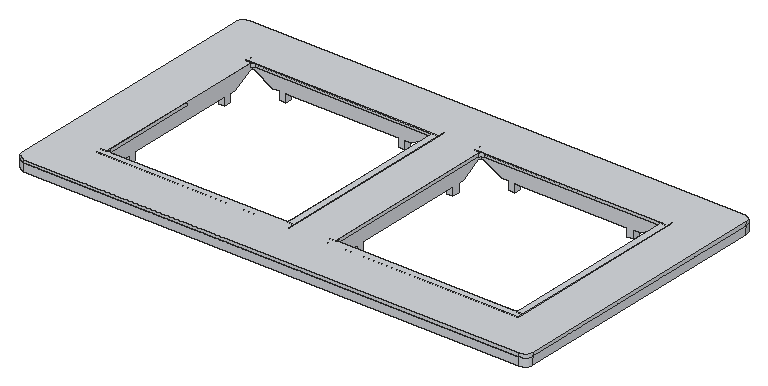
Revit family "Gira_0212235", category Electrical Fixtures, host Face, Revit 2017
Family settings
  Host = Face
  Maintain Annotation Orientation = No
  Round Connector Dimension = Use Diameter
  Part Type = Normal
  Cut with Voids When Loaded = No
  Shared = No
  Room Calculation Point = No
Parameters (values of type "Cov.fr. 2-g flat Gira E2 anthra.")
  With mounting grid = "No"
  With hinged lid = "No"
  URL = "http://katalog.gira.de/en/datenblatt.html?artikelnr=0212235"
  Type of fastening = "Clamp mounting"
  Transparent = "No"
  Surface protection = "Other"
  Suitable for wall duct = "No"
  Suitable for flush-mounted installation = "Yes"
  Suitable for floor box = "No"
  Suitable for built-in installation = "No"
  Number of units vertical = "2"
  Number of units horizontal = "2"
  Number of units = "2"
  Name = "Cov.fr. 2-g flat Gira E2 anthra."
  Mounting direction = "Horizontal and vertical"
  Material quality = "Thermoplastic"
  Material = "Plastic"
  Manufacturer URL = "https://www.gira.de/"
  Manufacturer = "Gira"
  Label space/information surface = "No"
  Keynote = ""
  HeinzeBIM = "https://bimportal.heinze.de/bim/cov-fr-2-g-flat-gira-e2-anthra-/7a33977f83d0776ba353db31f1bb11449a747fb8"
  Halogen free = "Yes"
  HAN = "0212235"
  GTIN = "4010337021285"
  Description = "Cov.fr.2g flat E2 AN,Gira E2 cover frame for flat installation,anthracite,2-gang,"
  Degree of protection (IP) = "IP20"
  Default Elevation = 1219.2 mm
  Data sheet (1) = "https://katalog.gira.de/en/download.html?artikelnr=0212235"
  Colour = "Anthracite"
  Category = "Cover frame for domestic switching devices"
  BIM (1) = "https://media.stage.bim.site/public/gira/36a6b08/E2flach_Rahmen_2fach.rfa"
  Available = "No"
Reference planes
  plane 1 "Center (Front/Back)": y = 0
  plane 2: z = 0
  plane 3 "Center (Left/Right)": x = 0
Forms (mm)
  Extrusion 1, solid, detail levels fine
    sketch origin (0, 0, 0) x (1, 0, 0) y (0, 1, 0)
      loop
        arc (-77, 43.9) -> (-78.768, 43.168) -> (-79.5, 41.4) r 2.5
        line (-79.5, 41.4) -> (-79.5, -41.4)
        arc (-79.5, -41.4) -> (-78.768, -43.168) -> (-77, -43.9) r 2.5
        line (-77, -43.9) -> (77, -43.9)
        arc (77, -43.9) -> (78.768, -43.168) -> (79.5, -41.4) r 2.5
        line (79.5, -41.4) -> (79.5, 41.4)
        arc (79.5, 41.4) -> (78.768, 43.168) -> (77, 43.9) r 2.5
        line (77, 43.9) -> (-77, 43.9)
      loop
        spline (-63.744, -27.245) -> (-63.736, -27.363) -> (-63.713, -27.478) -> (-63.675, -27.589) -> (-63.623, -27.695) -> (-63.558, -27.792) -> (-63.481, -27.881) -> (-63.392, -27.958) -> (-63.295, -28.023) -> (-63.189, -28.075) -> (-63.078, -28.113) -> (-62.963, -28.136) -> (-62.845, -28.144)
        line (-62.845, -28.144) -> (-8.355, -28.144)
        spline (-8.355, -28.144) -> (-8.237, -28.136) -> (-8.122, -28.113) -> (-8.011, -28.075) -> (-7.905, -28.023) -> (-7.808, -27.958) -> (-7.719, -27.881) -> (-7.642, -27.792) -> (-7.577, -27.695) -> (-7.525, -27.589) -> (-7.487, -27.478) -> (-7.464, -27.363) -> (-7.456, -27.245)
        line (-7.456, -27.245) -> (-7.456, 27.245)
        spline (-7.456, 27.245) -> (-7.464, 27.363) -> (-7.487, 27.478) -> (-7.525, 27.589) -> (-7.577, 27.695) -> (-7.642, 27.792) -> (-7.719, 27.881) -> (-7.808, 27.958) -> (-7.905, 28.023) -> (-8.011, 28.075) -> (-8.122, 28.113) -> (-8.237, 28.136) -> (-8.355, 28.144)
        line (-8.355, 28.144) -> (-62.845, 28.144)
        spline (-62.845, 28.144) -> (-62.963, 28.136) -> (-63.078, 28.113) -> (-63.189, 28.075) -> (-63.295, 28.023) -> (-63.392, 27.958) -> (-63.481, 27.881) -> (-63.558, 27.792) -> (-63.623, 27.695) -> (-63.675, 27.589) -> (-63.713, 27.478) -> (-63.736, 27.363) -> (-63.744, 27.245)
        line (-63.744, 27.245) -> (-63.744, -27.245)
      loop
        spline (62.845, -28.144) -> (62.963, -28.136) -> (63.078, -28.113) -> (63.189, -28.075) -> (63.295, -28.023) -> (63.392, -27.958) -> (63.481, -27.881) -> (63.558, -27.792) -> (63.623, -27.695) -> (63.675, -27.589) -> (63.713, -27.478) -> (63.736, -27.363) -> (63.744, -27.245)
        line (63.744, -27.245) -> (63.744, 27.245)
        spline (63.744, 27.245) -> (63.736, 27.363) -> (63.713, 27.478) -> (63.675, 27.589) -> (63.623, 27.695) -> (63.558, 27.792) -> (63.481, 27.881) -> (63.392, 27.958) -> (63.295, 28.023) -> (63.189, 28.075) -> (63.078, 28.113) -> (62.963, 28.136) -> (62.845, 28.144)
        line (62.845, 28.144) -> (8.355, 28.144)
        spline (8.355, 28.144) -> (8.237, 28.136) -> (8.122, 28.113) -> (8.011, 28.075) -> (7.905, 28.023) -> (7.808, 27.958) -> (7.719, 27.881) -> (7.642, 27.792) -> (7.577, 27.695) -> (7.525, 27.589) -> (7.487, 27.478) -> (7.464, 27.363) -> (7.456, 27.245)
        line (7.456, 27.245) -> (7.456, -27.245)
        spline (7.456, -27.245) -> (7.464, -27.363) -> (7.487, -27.478) -> (7.525, -27.589) -> (7.577, -27.695) -> (7.642, -27.792) -> (7.719, -27.881) -> (7.808, -27.958) -> (7.905, -28.023) -> (8.011, -28.075) -> (8.122, -28.113) -> (8.237, -28.136) -> (8.355, -28.144)
        line (8.355, -28.144) -> (62.845, -28.144)
    from 2.5 to 3.4
  Extrusion 2, solid, detail levels fine
    sketch origin (0, 0, 0) x (1, 0, 0) y (0, 1, 0)
      loop
        arc (-77, 43.9) -> (-78.768, 43.168) -> (-79.5, 41.4) r 2.5
        line (-79.5, 41.4) -> (-79.5, -41.4)
        arc (-79.5, -41.4) -> (-78.768, -43.168) -> (-77, -43.9) r 2.5
        line (-77, -43.9) -> (77, -43.9)
        arc (77, -43.9) -> (78.768, -43.168) -> (79.5, -41.4) r 2.5
        line (79.5, -41.4) -> (79.5, 41.4)
        arc (79.5, 41.4) -> (78.768, 43.168) -> (77, 43.9) r 2.5
        line (77, 43.9) -> (-77, 43.9)
      loop
        arc (-77, 43.4) -> (-78.414, 42.814) -> (-79, 41.4) r 2
        line (-79, 41.4) -> (-79, -41.4)
        arc (-79, -41.4) -> (-78.414, -42.814) -> (-77, -43.4) r 2
        line (-77, -43.4) -> (77, -43.4)
        arc (77, -43.4) -> (78.414, -42.814) -> (79, -41.4) r 2
        line (79, -41.4) -> (79, 41.4)
        arc (79, 41.4) -> (78.414, 42.814) -> (77, 43.4) r 2
        line (77, 43.4) -> (-77, 43.4)
    from 0 to 2.5
  Extrusion 3, solid, detail levels fine
    sketch origin (-35.6, 0, 0) x (1, 0, 0) y (0, 0, 1)
      loop
        line (-17.5, -4.06) -> (-17.5, -1.56) -> (17.5, -1.56) -> (17.5, -4.06) -> (19.5, -4.06) -> (19.5, -1.56) -> (21.654, -1.56) -> (27.214, 1.65) -> (30, 1.65) -> (30, 3.4) -> (-30, 3.4) -> (-30, 1.65) -> (-27.214, 1.65) -> (-21.654, -1.56) -> (-19.5, -1.56) -> (-19.5, -4.06) -> (-17.5, -4.06)
    from 28.144 to 30
  Extrusion 4, solid, detail levels fine
    sketch origin (-35.6, 0, 0) x (0, -1, 0) y (0, 0, -1)
      loop
        line (-17.5, 4.06) -> (-19.5, 4.06) -> (-19.5, 1.56) -> (-21.654, 1.56) -> (-27.214, -1.65) -> (-28.144, -1.65) -> (-28.144, -3.4) -> (28.144, -3.4) -> (28.144, -1.65) -> (27.214, -1.65) -> (21.654, 1.56) -> (19.5, 1.56) -> (19.5, 4.06) -> (17.5, 4.06) -> (17.5, 1.56) -> (-17.5, 1.56) -> (-17.5, 4.06)
    from 28.144 to 30
  Extrusion 5, solid, detail levels medium
    sketch origin (-35.6, 0, 0) x (0, -1, 0) y (0, 0, 1)
      loop
        line (-17.5, -4.06) -> (-17.5, -1.56) -> (17.5, -1.56) -> (17.5, -4.06) -> (19.5, -4.06) -> (19.5, -1.56) -> (28.144, -1.56) -> (28.144, 3.4) -> (-28.144, 3.4) -> (-28.144, -1.56) -> (-19.5, -1.56) -> (-19.5, -4.06) -> (-17.5, -4.06)
    from 28.144 to 30
  Extrusion 6, solid, detail levels fine
    sketch origin (-35.6, 0, 0) x (1, 0, 0) y (0, 0, -1)
      loop
        line (-17.5, 4.06) -> (-19.5, 4.06) -> (-19.5, 1.56) -> (-21.654, 1.56) -> (-27.214, -1.65) -> (-30, -1.65) -> (-30, -3.4) -> (30, -3.4) -> (30, -1.65) -> (27.214, -1.65) -> (21.654, 1.56) -> (19.5, 1.56) -> (19.5, 4.06) -> (17.5, 4.06) -> (17.5, 1.56) -> (-17.5, 1.56) -> (-17.5, 4.06)
    from 28.144 to 30
  Extrusion 7, solid, detail levels coarse
    sketch origin (0, 0, 0) x (1, 0, 0) y (0, 1, 0)
      loop
        line (-79.5, 43.9) -> (-79.5, -43.9) -> (79.5, -43.9) -> (79.5, 43.9) -> (-79.5, 43.9)
    from -4.06 to 3.4
  Extrusion 8, solid, detail levels medium
    sketch origin (0, 0, 0) x (1, 0, 0) y (0, 1, 0)
      loop
        line (-79.5, 43.9) -> (-79.5, -43.9) -> (79.5, -43.9) -> (79.5, 43.9) -> (-79.5, 43.9)
    from 0 to 3.4
  Extrusion 9, solid, detail levels medium
    sketch origin (-35.6, 0, 0) x (1, 0, 0) y (0, 0, 1)
      loop
        line (-17.5, -4.06) -> (-17.5, -1.56) -> (17.5, -1.56) -> (17.5, -4.06) -> (19.5, -4.06) -> (19.5, -1.56) -> (30, -1.56) -> (30, 3.4) -> (-30, 3.4) -> (-30, -1.56) -> (-19.5, -1.56) -> (-19.5, -4.06) -> (-17.5, -4.06)
    from 28.144 to 30
  Extrusion 10, solid, detail levels medium
    sketch origin (-35.6, 0, 0) x (1, 0, 0) y (0, 0, -1)
      loop
        line (-17.5, 4.06) -> (-19.5, 4.06) -> (-19.5, 1.56) -> (-30, 1.56) -> (-30, -3.4) -> (30, -3.4) -> (30, 1.56) -> (19.5, 1.56) -> (19.5, 4.06) -> (17.5, 4.06) -> (17.5, 1.56) -> (-17.5, 1.56) -> (-17.5, 4.06)
    from 28.144 to 30
  Extrusion 11, solid, detail levels medium
    sketch origin (-35.6, 0, 0) x (0, -1, 0) y (0, 0, -1)
      loop
        line (-17.5, 4.06) -> (-19.5, 4.06) -> (-19.5, 1.56) -> (-28.144, 1.56) -> (-28.144, -3.4) -> (28.144, -3.4) -> (28.144, 1.56) -> (19.5, 1.56) -> (19.5, 4.06) -> (17.5, 4.06) -> (17.5, 1.56) -> (-17.5, 1.56) -> (-17.5, 4.06)
    from 28.144 to 30
  Extrusion 12, solid, detail levels fine
    sketch origin (35.6, 0, 0) x (-1, 0, 0) y (0, 0, -1)
      loop
        line (-17.5, 4.06) -> (-19.5, 4.06) -> (-19.5, 1.56) -> (-21.654, 1.56) -> (-27.214, -1.65) -> (-30, -1.65) -> (-30, -3.4) -> (30, -3.4) -> (30, -1.65) -> (27.214, -1.65) -> (21.654, 1.56) -> (19.5, 1.56) -> (19.5, 4.06) -> (17.5, 4.06) -> (17.5, 1.56) -> (-17.5, 1.56) -> (-17.5, 4.06)
    from 28.144 to 30
  Extrusion 13, solid, detail levels fine
    sketch origin (35.6, 0, 0) x (0, -1, 0) y (0, 0, 1)
      loop
        line (-17.5, -4.06) -> (-17.5, -1.56) -> (17.5, -1.56) -> (17.5, -4.06) -> (19.5, -4.06) -> (19.5, -1.56) -> (21.654, -1.56) -> (27.214, 1.65) -> (28.144, 1.65) -> (28.144, 3.4) -> (-28.144, 3.4) -> (-28.144, 1.65) -> (-27.214, 1.65) -> (-21.654, -1.56) -> (-19.5, -1.56) -> (-19.5, -4.06) -> (-17.5, -4.06)
    from 28.144 to 30
  Extrusion 14, solid, detail levels medium
    sketch origin (35.6, 0, 0) x (0, -1, 0) y (0, 0, -1)
      loop
        line (-17.5, 4.06) -> (-19.5, 4.06) -> (-19.5, 1.56) -> (-28.144, 1.56) -> (-28.144, -3.4) -> (28.144, -3.4) -> (28.144, 1.56) -> (19.5, 1.56) -> (19.5, 4.06) -> (17.5, 4.06) -> (17.5, 1.56) -> (-17.5, 1.56) -> (-17.5, 4.06)
    from 28.144 to 30
  Extrusion 15, solid, detail levels fine
    sketch origin (35.6, 0, 0) x (-1, 0, 0) y (0, 0, 1)
      loop
        line (-17.5, -4.06) -> (-17.5, -1.56) -> (17.5, -1.56) -> (17.5, -4.06) -> (19.5, -4.06) -> (19.5, -1.56) -> (21.654, -1.56) -> (27.214, 1.65) -> (30, 1.65) -> (30, 3.4) -> (-30, 3.4) -> (-30, 1.65) -> (-27.214, 1.65) -> (-21.654, -1.56) -> (-19.5, -1.56) -> (-19.5, -4.06) -> (-17.5, -4.06)
    from 28.144 to 30
  Extrusion 16, solid, detail levels medium
    sketch origin (35.6, 0, 0) x (-1, 0, 0) y (0, 0, -1)
      loop
        line (-17.5, 4.06) -> (-19.5, 4.06) -> (-19.5, 1.56) -> (-30, 1.56) -> (-30, -3.4) -> (30, -3.4) -> (30, 1.56) -> (19.5, 1.56) -> (19.5, 4.06) -> (17.5, 4.06) -> (17.5, 1.56) -> (-17.5, 1.56) -> (-17.5, 4.06)
    from 28.144 to 30
  Extrusion 17, solid, detail levels medium
    sketch origin (35.6, 0, 0) x (-1, 0, 0) y (0, 0, 1)
      loop
        line (-17.5, -4.06) -> (-17.5, -1.56) -> (17.5, -1.56) -> (17.5, -4.06) -> (19.5, -4.06) -> (19.5, -1.56) -> (30, -1.56) -> (30, 3.4) -> (-30, 3.4) -> (-30, -1.56) -> (-19.5, -1.56) -> (-19.5, -4.06) -> (-17.5, -4.06)
    from 28.144 to 30
  Extrusion 18, solid, detail levels medium
    sketch origin (35.6, 0, 0) x (0, -1, 0) y (0, 0, 1)
      loop
        line (-17.5, -4.06) -> (-17.5, -1.56) -> (17.5, -1.56) -> (17.5, -4.06) -> (19.5, -4.06) -> (19.5, -1.56) -> (28.144, -1.56) -> (28.144, 3.4) -> (-28.144, 3.4) -> (-28.144, -1.56) -> (-19.5, -1.56) -> (-19.5, -4.06) -> (-17.5, -4.06)
    from 28.144 to 30
  Extrusion 19, solid, detail levels fine
    sketch origin (-93.744, 0, 0) x (0, -1, 0) y (0, 0, -1)
      loop
        line (-17.5, 4.06) -> (-19.5, 4.06) -> (-19.5, 1.56) -> (-21.654, 1.56) -> (-27.214, -1.65) -> (-28.144, -1.65) -> (-28.144, -3.4) -> (28.144, -3.4) -> (28.144, -1.65) -> (27.214, -1.65) -> (21.654, 1.56) -> (19.5, 1.56) -> (19.5, 4.06) -> (17.5, 4.06) -> (17.5, 1.56) -> (-17.5, 1.56) -> (-17.5, 4.06)
    from 28.144 to 30
  Extrusion 20, solid, detail levels fine
    sketch origin (93.744, 0, 0) x (0, -1, 0) y (0, 0, 1)
      loop
        line (-17.5, -4.06) -> (-17.5, -1.56) -> (17.5, -1.56) -> (17.5, -4.06) -> (19.5, -4.06) -> (19.5, -1.56) -> (21.654, -1.56) -> (27.214, 1.65) -> (28.144, 1.65) -> (28.144, 3.4) -> (-28.144, 3.4) -> (-28.144, 1.65) -> (-27.214, 1.65) -> (-21.654, -1.56) -> (-19.5, -1.56) -> (-19.5, -4.06) -> (-17.5, -4.06)
    from 28.144 to 30
Dimensions and locks
  aligned and locked: plane 2 to host face
  aligned and locked: level to host face
